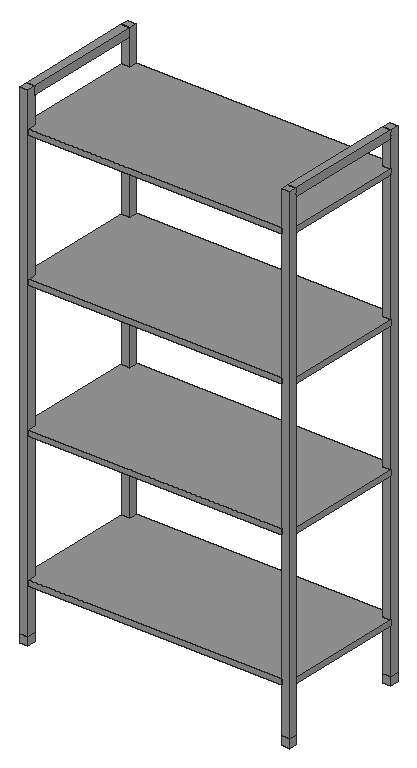
Revit family "Стеллаж медицинский нержавеющая сталь", category Оборудование, Revit 2017
Family settings
  Размер круглого соединителя = Использовать диаметр
  Тип детали = Нормальный
  На основе рабочей плоскости = Нет
  Всегда вертикально = Да
  При загрузке вырезать с полостями = Нет
  Общий = Нет
  Точка расчета площади = Нет
Parameters (values of type "5 полок")
  Общ_Ширина = 1000.0 mm
  Общ_Тип, марка = "БТ-СТН-100-5с"
  Общ_Примечание КР [instance] = ""
  Общ_Примечание АР [instance] = ""
  Общ_Примечание = ""
  Общ_Поставщик = "БТ-Мебель"
  Общ_Позиция = ""
  Общ_Наименование = "Стеллаж медицинский из нержавеющей стали, 5 полок"
  Общ_Масса = ""
  Общ_Код продукции = ""
  Общ_Единицы измерения = "шт."
  Общ_Глубина = 500.0 mm
  Общ_Высота = 1850.0 mm
  Keynote = ""
  Model = ""
Types (3, lengths in mm): name | Общ_Тип, марка | Общ_Наименование
  Тип | "БТ-СТН-100-4с" | "Стеллаж медицинский из нержавеющей стали, 4 полки"
  4 полки | "БТ-СТН-100-4с" | "Стеллаж медицинский из нержавеющей стали, 4 полки"
  5 полок | "БТ-СТН-100-5с" | "Стеллаж медицинский из нержавеющей стали, 5 полок"
Reference planes
  plane 1 "По центру (Вперед/Назад)": y = 0
  plane 2: z = 0
  plane 3 "По центру (Влево/Вправо)": x = 0
  plane 4: y = 250
  plane 5: y = -250
  plane 6: x = 500
  plane 7: x = -500
Forms (mm)
  Extrusion 1, solid, material "Сталь, нержавеющая AISI 304", detail levels fine
    sketch origin (0, 0, 0) x (1, 0, 0) y (0, 1, 0)
      loop
        line (-500, 250) -> (-500, 220) -> (-470, 220) -> (-470, 250) -> (-500, 250)
      loop
        line (-500, -250) -> (-470, -250) -> (-470, -220) -> (-500, -220) -> (-500, -250)
      loop
        line (500, 250) -> (470, 250) -> (470, 220) -> (500, 220) -> (500, 250)
      loop
        line (500, -250) -> (500, -220) -> (470, -220) -> (470, -250) -> (500, -250)
    from 30 to 1850
  Extrusion 2, solid, material "Пластмасса, непрозрачная, черная", detail levels fine
    sketch origin (0, 0, 0) x (1, 0, 0) y (0, 1, 0)
      loop
        line (-500, 220) -> (-470, 220) -> (-470, 250) -> (-500, 250) -> (-500, 220)
      loop
        line (470, 220) -> (500, 220) -> (500, 250) -> (470, 250) -> (470, 220)
      loop
        line (500, -220) -> (470, -220) -> (470, -250) -> (500, -250) -> (500, -220)
      loop
        line (-470, -220) -> (-500, -220) -> (-500, -250) -> (-470, -250) -> (-470, -220)
    from 30 to 0
  Extrusion 3, solid, material "Сталь, нержавеющая AISI 304", detail levels fine
    sketch origin (0, 0, 0) x (1, 0, 0) y (0, 1, 0)
      loop
        line (-500, -220) -> (-470, -220) -> (-470, 220) -> (-500, 220) -> (-500, -220)
      loop
        line (470, -220) -> (500, -220) -> (500, 220) -> (470, 220) -> (470, -220)
    from 1820 to 1850
  Extrusion 4, solid, material "Сталь, нержавеющая AISI 304", detail levels fine
    sketch origin (0, 0, 0) x (1, 0, 0) y (0, 1, 0)
      loop
        line (-470, 250) -> (-470, 220) -> (-500, 220) -> (-500, -220) -> (-470, -220) -> (-470, -250) -> (470, -250) -> (470, -220) -> (500, -220) -> (500, 220) -> (470, 220) -> (470, 250) -> (-470, 250)
    from 200 to 220
  Extrusion 5, solid, material "Сталь, нержавеющая AISI 304", detail levels fine
    sketch origin (0, 0, 0) x (1, 0, 0) y (0, 1, 0)
      loop
        line (-470, 250) -> (-470, 220) -> (-500, 220) -> (-500, -220) -> (-470, -220) -> (-470, -250) -> (470, -250) -> (470, -220) -> (500, -220) -> (500, 220) -> (470, 220) -> (470, 250) -> (-470, 250)
    from 700 to 720
  Extrusion 6, solid, material "Сталь, нержавеющая AISI 304", detail levels fine
    sketch origin (0, 0, 0) x (1, 0, 0) y (0, 1, 0)
      loop
        line (-470, 250) -> (-470, 220) -> (-500, 220) -> (-500, -220) -> (-470, -220) -> (-470, -250) -> (470, -250) -> (470, -220) -> (500, -220) -> (500, 220) -> (470, 220) -> (470, 250) -> (-470, 250)
    from 1200 to 1220
  Extrusion 7, solid, material "Сталь, нержавеющая AISI 304", detail levels fine
    sketch origin (0, 0, 0) x (1, 0, 0) y (0, 1, 0)
      loop
        line (-470, 250) -> (-470, 220) -> (-500, 220) -> (-500, -220) -> (-470, -220) -> (-470, -250) -> (470, -250) -> (470, -220) -> (500, -220) -> (500, 220) -> (470, 220) -> (470, 250) -> (-470, 250)
    from 1700 to 1720
Lines and regions (mm)
  symbolic lines, detail levels coarse+medium
    curve 1: line (-500, 250, 0) -> (500, 250, 0)
    curve 2: line (-500, -250, 0) -> (-500, 250, 0)
    curve 3: line (500, -250, 0) -> (-500, -250, 0)
    curve 4: line (500, 250, 0) -> (500, -250, 0)
    curve 5: line (-500, -250, 0) -> (500, 250, 0)
    curve 6: line (-500, 250, 0) -> (500, -250, 0)
Dimensions and locks
  equal spacing: plane 4, plane 1 "По центру (Вперед/Назад)", plane 5
  plane 4 to plane 5 = 500.0 mm
  equal spacing: plane 7, plane 3 "По центру (Влево/Вправо)", plane 6
  plane 7 to plane 6 = 1000.0 mm
  aligned and locked: level to plane 2
  aligned and locked: curve 1 to Extrusion 1
  aligned and locked: curve 2 to Extrusion 1
  aligned and locked: curve 3 to Extrusion 1
  aligned and locked: curve 4 to Extrusion 1
Automatic sketch dimensions
  Extrusion 1 sketch curve to plane 4 = 0.0 mm  (x2)
  Extrusion 1 sketch curve to plane 7 = 0.0 mm  (x2)
  Extrusion 1 sketch curve to plane 5 = 0.0 mm  (x2)
  Extrusion 1 sketch curve to plane 6 = 0.0 mm  (x2)
  plane 7 to Extrusion 1 sketch curve = 30.0 mm  (x2)
  Extrusion 1 sketch curve to plane 6 = 30.0 mm  (x2)
  plane 5 to Extrusion 1 sketch curve = 30.0 mm  (x2)
  Extrusion 1 sketch curve to plane 4 = 30.0 mm  (x2)
  Extrusion 2 sketch curve to plane 7 = 0.0 mm  (x2)
  Extrusion 2 sketch curve to plane 5 = 0.0 mm  (x2)
  Extrusion 2 sketch curve to plane 4 = 0.0 mm  (x2)
  Extrusion 2 sketch curve to plane 6 = 0.0 mm  (x2)
  plane 7 to Extrusion 2 sketch curve = 30.0 mm  (x2)
  Extrusion 2 sketch curve to plane 6 = 30.0 mm  (x2)
  plane 5 to Extrusion 2 sketch curve = 30.0 mm  (x2)
  Extrusion 2 sketch curve to plane 4 = 30.0 mm  (x2)
  Extrusion 3 sketch curve to plane 7 = 0.0 mm
  Extrusion 3 sketch curve to plane 6 = 0.0 mm
  plane 7 to Extrusion 3 sketch curve = 30.0 mm
  Extrusion 3 sketch curve to plane 6 = 30.0 mm
  plane 5 to Extrusion 3 sketch curve = 30.0 mm  (x2)
  Extrusion 3 sketch curve to plane 4 = 30.0 mm  (x2)
  Extrusion 4 sketch curve to plane 7 = 0.0 mm
  Extrusion 4 sketch curve to plane 4 = 0.0 mm
  Extrusion 4 sketch curve to plane 5 = 0.0 mm
  Extrusion 4 sketch curve to plane 6 = 0.0 mm
  Extrusion 4 sketch curve to Extrusion 4 sketch curve = 30.0 mm
  plane 7 to Extrusion 4 sketch curve = 30.0 mm
  Extrusion 4 sketch curve to plane 6 = 30.0 mm  (x2)
  plane 5 to Extrusion 4 sketch curve = 30.0 mm  (x2)
  Extrusion 4 sketch curve to plane 4 = 30.0 mm  (x2)
  Extrusion 5 sketch curve to plane 7 = 0.0 mm
  Extrusion 5 sketch curve to plane 4 = 0.0 mm
  Extrusion 5 sketch curve to plane 5 = 0.0 mm
  Extrusion 5 sketch curve to plane 6 = 0.0 mm
  Extrusion 5 sketch curve to Extrusion 5 sketch curve = 30.0 mm
  plane 7 to Extrusion 5 sketch curve = 30.0 mm
  Extrusion 5 sketch curve to plane 6 = 30.0 mm  (x2)
  plane 5 to Extrusion 5 sketch curve = 30.0 mm  (x2)
  Extrusion 5 sketch curve to plane 4 = 30.0 mm  (x2)
  Extrusion 6 sketch curve to plane 7 = 0.0 mm
  Extrusion 6 sketch curve to plane 4 = 0.0 mm
  Extrusion 6 sketch curve to plane 5 = 0.0 mm
  Extrusion 6 sketch curve to plane 6 = 0.0 mm
  Extrusion 6 sketch curve to Extrusion 6 sketch curve = 30.0 mm
  plane 7 to Extrusion 6 sketch curve = 30.0 mm
  Extrusion 6 sketch curve to plane 6 = 30.0 mm  (x2)
  plane 5 to Extrusion 6 sketch curve = 30.0 mm  (x2)
  Extrusion 6 sketch curve to plane 4 = 30.0 mm  (x2)
  Extrusion 7 sketch curve to plane 7 = 0.0 mm
  Extrusion 7 sketch curve to plane 4 = 0.0 mm
  Extrusion 7 sketch curve to plane 5 = 0.0 mm
  Extrusion 7 sketch curve to plane 6 = 0.0 mm
  Extrusion 7 sketch curve to Extrusion 7 sketch curve = 30.0 mm
  plane 7 to Extrusion 7 sketch curve = 30.0 mm
  Extrusion 7 sketch curve to plane 6 = 30.0 mm  (x2)
  plane 5 to Extrusion 7 sketch curve = 30.0 mm  (x2)
  Extrusion 7 sketch curve to plane 4 = 30.0 mm  (x2)
